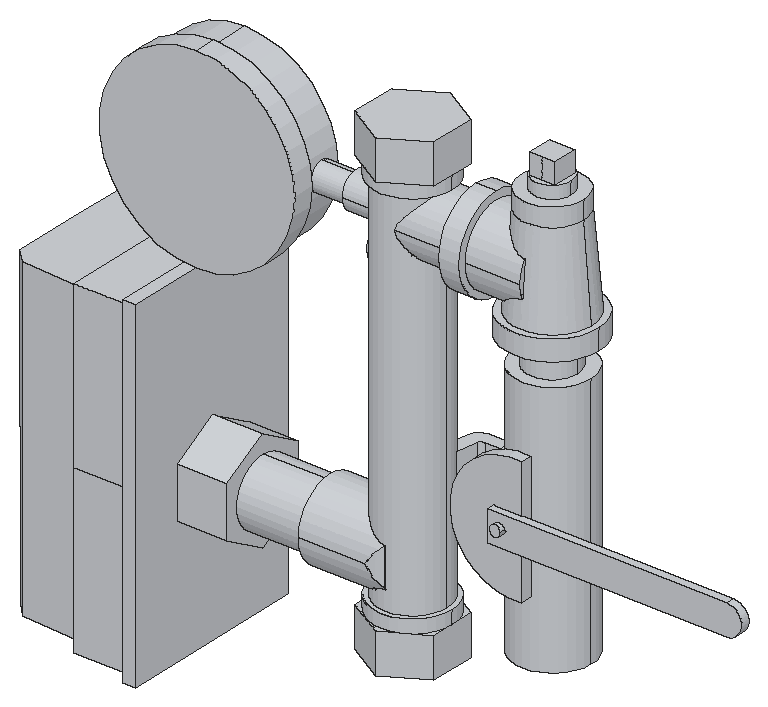
Revit family
Reference planes (in)
  plane 1 "Center (Front/Back)": y = 0
  plane 2: z = 0
  plane 3 "Center (Left/Right)": x = 0
Dimensions and locks (in)
  aligned and locked: plane 2 to level
Nested families (in)
  nested 1: "1RRD" at (0, 0, 0), type "RASCO RISER-RESIDENTIAL"
Connectors (in)
  piping at (2.76646, -0.0006, 1.04)
    settings: on nested 1, index 1, connector radius 83/128", flow factor 0, pipe flow 0 GPM, pressure drop 0.00 psi, fitting loss kfactor 0, connector angle 0.00°, fixture units 0, flow configuration 0, flow direction 0, fitting loss method 0, system type 7, connector reference index -1, connector utility 0, adjustable connector no, is connector primary yes, fitting loss table "", connector description ""
  piping at (-0.00001, 0, 9.5)
    settings: on nested 1, index 2, connector radius 3/4", flow factor 0, pipe flow 0 GPM, pressure drop 0.00 psi, fitting loss kfactor 0, connector angle 0.00°, fixture units 0, flow configuration 0, flow direction 0, fitting loss method 0, system type 7, connector reference index -1, connector utility 0, adjustable connector no, is connector primary no, fitting loss table "", connector description ""
  piping at (0, 0, 0)
    settings: on nested 1, index 3, connector radius 3/4", flow factor 0, pipe flow 0 GPM, pressure drop 0.00 psi, fitting loss kfactor 0, connector angle 0.00°, fixture units 0, flow configuration 0, flow direction 0, fitting loss method 0, system type 7, connector reference index -1, connector utility 0, adjustable connector no, is connector primary no, fitting loss table "", connector description ""
  piping at (-0.00001, 0, 9.5)
    settings: on nested 1, index 4, connector radius 3/4", flow factor 0, pipe flow 0 GPM, pressure drop 0.00 psi, fitting loss kfactor 0, connector angle 0.00°, fixture units 0, flow configuration 0, flow direction 0, fitting loss method 0, system type 7, connector reference index -1, connector utility 0, adjustable connector no, is connector primary no, fitting loss table "", connector description ""
Definition of nested family "1RRD"
  Reference planes (in)
    plane 1 "Center (Front/Back)": y = 0
    plane 2: z = 0
    plane 3 "Center (Left/Right)": x = 0
    plane 4 "ref.1": z = 1.04
    plane 5: z = 9.83243
    plane 6 "nipple": z = 6.08
    plane 7 "plug": z = 9.19059
  Forms (in)
    Extrusion 1, solid
      sketch origin (0, 0, 0) x (1, 0, 0) y (0, 1, 0)
        loop
          line (-0.781, -0.45091) -> (0, -0.90182) -> (0.781, -0.45091) -> (0.781, 0.45091) -> (0, 0.90182) -> (-0.781, 0.45091) -> (-0.781, -0.45091)
      from 0 to 0.78266
    Extrusion 2, solid
      sketch origin (0, 0, 0) x (1, 0, 0) y (0, 1, 0)
        loop
          circle (0, 0) r 0.78
      from 0.78266 to 1.04
    Extrusion 3, solid
      sketch origin (0, 0, 1.04) x (-1, 0, 0) y (0, -1, 0)
        loop
          circle (0, 0) r 0.68
      from 0 to 7.42
    Extrusion 4, solid
      sketch origin (-0.00001, 0, 8.71734) x (1, 0, 0) y (0, 1, 0)
        loop
          line (-0.781, -0.45091) -> (0, -0.90182) -> (0.781, -0.45091) -> (0.781, 0.45091) -> (0, 0.90182) -> (-0.781, 0.45091) -> (-0.781, -0.45091)
      from 0 to 0.78266
    Extrusion 5, solid
      sketch origin (0, 0, 7.67734) x (1, 0, 0) y (0, 1, 0)
        loop
          circle (0, 0) r 0.78
      from 0.78266 to 1.04
    Extrusion 6, solid
      sketch origin (0, 0, 0) x (0, 1, 0) y (0, 0, 1)
        loop
          circle (0, 1.81) r 0.78
      from 0 to -1.62811
    Extrusion 7, void
      sketch origin (0, 0, 1.04) x (-1, 0, 0) y (0, -1, 0)
        loop
          line (0, -0.677) -> (0, -0.83969) -> (0.51275, -0.83969) -> (0.51275, -0.79009)
          arc (0.51275, -0.79009) -> (0.24961, -0.7642) -> (0, -0.677) r 1.11349
      from 0 to 1.55457
    Extrusion 8, void
      sketch origin (0, 0, 1.04) x (-1, 0, 0) y (0, -1, 0)
        loop
          arc (0, 0.68) -> (0.24961, 0.7672) -> (0.51275, 0.79309) r 1.11349
          line (0.51275, 0.79309) -> (0.51275, 0.8427) -> (0, 0.8427) -> (0, 0.68)
      from 0 to 1.55719
    Extrusion 9, solid
      sketch origin (0, 0, 0) x (0, 1, 0) y (0, 0, 1)
        loop
          circle (0, 7.81) r 0.66
      from 0 to 1.7
    Extrusion 10, solid
      sketch origin (0, 0, 0) x (0, 1, 0) y (0, 0, 1)
        loop
          circle (0, 7.81) r 0.355
      from 0 to -1.1
    Extrusion 11, solid
      sketch origin (0.13466, 0, 5.20495) x (-1, 0, 0) y (0, -1, 0)
        loop
          line (0.68, 0) -> (0.39, 0) -> (0.54048, -0.85341)
          arc (0.54048, -0.85341) -> (0.62598, -1.00151) -> (0.78668, -1.06) r 0.25
          line (0.78668, -1.06) -> (1.76437, -1.06) -> (1.76437, -0.81) -> (0.89834, -0.81)
          arc (0.89834, -0.81) -> (0.84049, -0.78894) -> (0.80971, -0.73563) r 0.09
          line (0.80971, -0.73563) -> (0.68, 0)
      from 0.66505 to 1.42505
    Extrusion 12, solid
      sketch origin (-0.13466, 0, 2.20495) x (1, 0, 0) y (0, 1, 0)
        loop
          line (0.68, 0) -> (0.80971, 0.73563)
          arc (0.80971, 0.73563) -> (0.84049, 0.78894) -> (0.89834, 0.81) r 0.09
          line (0.89834, 0.81) -> (1.74654, 0.81) -> (1.74654, 1.06) -> (0.78668, 1.06)
          arc (0.78668, 1.06) -> (0.62598, 1.00151) -> (0.54048, 0.85341) r 0.25
          line (0.54048, 0.85341) -> (0.39, 0) -> (0.68, 0)
      from 0.66505 to 1.42505
    Extrusion 13, void
      sketch origin (0, 0, 0) x (1, 0, 0) y (0, 0, 1)
        loop
          circle (-1.17512, 6.25) r 0.195
      from -1.06 to -0.81
    Extrusion 14, void
      sketch origin (0, 0, 0) x (1, 0, 0) y (0, 0, 1)
        loop
          circle (1.09, 3.25) r 0.195
      from -1.06 to -0.81
    Extrusion 15, void
      sketch origin (0, 0, 0) x (1, 0, 0) y (0, 0, 1)
        loop
          line (-1.17512, 6.63) -> (-1.17512, 6.71331) -> (-1.75581, 6.71331) -> (-1.75581, 5.80236) -> (-1.17512, 5.80236) -> (-1.17512, 5.87)
          arc (-1.17512, 5.87) -> (-1.55512, 6.25) -> (-1.17512, 6.63) r 0.38
      from -1.06 to -0.81
    Extrusion 16, void
      sketch origin (0, 0, 0) x (1, 0, 0) y (0, 0, 1)
        loop
          line (1.09, 2.87) -> (1.09, 2.83503) -> (1.65386, 2.83503) -> (1.65386, 3.68519) -> (1.09, 3.68519) -> (1.09, 3.63)
          arc (1.09, 3.63) -> (1.47, 3.25) -> (1.09, 2.87) r 0.38
      from -1.06 to -0.81
    Extrusion 17, solid
      sketch origin (0, 0, 6.08) x (-1, 0, 0) y (0, -1, 0)
        loop
          circle (-2.75, 0.00522) r 0.5
      from 0 to 0.55
    Extrusion 18, solid
      sketch origin (0, 0, 9.19059) x (-1, 0, 0) y (0, -1, 0)
        loop
          circle (-2.75, 0) r 0.375
      from 0 to 0.2412
    Extrusion 19, solid
      sketch origin (0, 0, 9.19059) x (-1, 0, 0) y (0, -1, 0)
        loop
          line (-2.753, 0.25) -> (-3.003, 0.25) -> (-3.003, -0.25) -> (-2.503, -0.25) -> (-2.503, 0) -> (-2.503, 0.25) -> (-2.753, 0.25)
      from 0.2412 to 0.64184
  Cuts and joins
    Extrusion 7, Extrusion 8 cuts Extrusion 2
    Extrusion 7, Extrusion 8 cuts Extrusion 4
    Extrusion 7, Extrusion 8 cuts Extrusion 5
    Extrusion 7, Extrusion 8 cuts Extrusion 6
    Extrusion 8 cuts Extrusion 3
    Extrusion 13, Extrusion 15 cuts Extrusion 11
    Extrusion 14, Extrusion 16 cuts Extrusion 12
  Dimensions and locks (in)
    plane 5 to nested 2 = 0' - 11"
    aligned and locked: plane 2 to level
  Nested families (in)
    nested 1: "Gauge3" at (-3.09091, 0.39285, 1.8952), type "RASCO Gauge"
    nested 2: "Water Flow Detector" at (-5.273, 0, -1.84924), type "Water Flow Detector"
    nested 3: "Test-Drain Valve" at (2.75, -0.15695, 1.04), type "Test-Drain Valve"
    nested 4: "tee3" at (2.75, 0, 6.63), type "tee3"
  Definition of nested family "Gauge3"
    Reference planes (in)
      plane 1 "Center (Front/Back)": y = 0
      plane 2: z = 0
      plane 3 "Center (Left/Right)": x = 0
      plane 4: z = 7.47962
      plane 5 "ref.2": y = -0.425
      plane 6 "ref.3": z = 5.65212
      plane 7 "refdt": y = -1.191
    Forms (in)
      Extrusion 1, solid
        sketch origin (6.95412, -1.191, 5.90312) x (0, 0, -1) y (-1, 0, 0)
          loop
            circle (0, 7.47962) r 1.9225
        from 0 to 0.425
      Extrusion 2, solid
        sketch origin (6.95412, -0.766, 5.90312) x (-1, 0, 0) y (0, 0, 1)
          loop
            circle (7.47962, 0) r 1.8275
        from 0 to 0.766
      Extrusion 3, solid
        sketch origin (2.43846, -1.191, 5.90312) x (0, 1, 0) y (0, 0, 1)
          loop
            circle (0.80101, 0) r 0.2725
        from 0 to -1.146
    Lines and regions (in)
      model lines
        curve 1: arc (-0.5255, -1.191, 4.25062) -> (-2.178, -1.191, 5.90312) -> (-0.5255, -1.191, 7.55562) r 1.6525
        curve 2: arc (-0.5255, -1.191, 4.42562) -> (-2.003, -1.191, 5.90312) -> (-0.5255, -1.191, 7.38062) r 1.4775
        curve 3: line (-0.5255, -1.191, 4.25062) -> (-0.5255, -1.191, 4.42562)
        curve 4: line (-0.5255, -1.191, 7.38062) -> (-0.5255, -1.191, 7.55562)
        curve 5: line (-0.32954, -1.191, 5.36925) -> (-1.42319, -1.191, 6.76906)
        curve 6: line (-1.42319, -1.191, 6.76906) -> (-0.17646, -1.191, 5.52233)
        curve 7: line (-0.17646, -1.191, 5.52233) -> (-0.32954, -1.191, 5.36925)
    Dimensions and locks (in)
      aligned and locked: plane 2 to level
  Definition of nested family "Water Flow Detector"
    Reference planes (in)
      plane 1 "Center (Front/Back)": y = 0
      plane 2: z = 0
      plane 3 "Center (Left/Right)": x = 0
    Forms (in)
      Extrusion 1, solid
        sketch origin (3.64489, -0.00807, 3.68167) x (0, 0, -1) y (0, -1, 0)
          loop
            circle (0, 0) r 0.655
        from 0 to 1.32768
      Extrusion 2, solid
        sketch origin (2.31721, -0.00807, 5.11447) x (0, -1, 0) y (0, 0, 1)
          loop
            line (0, -0.43279) -> (-0.86603, -0.93279) -> (-0.86603, -1.93279) -> (0, -2.43279) -> (0.86603, -1.93279) -> (0.86603, -0.93279) -> (0, -0.43279)
        from 0 to 1
      Extrusion 3, solid
        sketch origin (1.31721, -0.00404, 4.28167) x (0, 0, 1) y (0, 1, 0)
          loop
            line (-3.6, 0) -> (-3.6, -1.875) -> (3.15, -1.875) -> (3.15, 1.875) -> (-3.6, 1.875) -> (-3.6, 0)
        from 0 to 0.25
      Extrusion 4, solid
        sketch origin (1.06721, -0.00807, 3.68167) x (0, 0, 1) y (0, 1, 0)
          loop
            line (0.375, -1.765) -> (3.625, -1.765) -> (3.625, 1.765) -> (-2.89, 1.765) -> (-2.89, -1.765) -> (0.375, -1.765)
        from 0 to 1.062
      Extrusion 5, solid
        sketch origin (3.64477, -0.00807, 4.42051) x (-1, 0, 0) y (0, -1, 0)
          loop
            line (3.63968, 0) -> (3.63968, -1.627) -> (4.80895, -1.54524) -> (5.07768, -1.2765) -> (5.07768, 0) -> (5.07768, 1.2765) -> (4.80895, 1.54524) -> (3.63968, 1.627) -> (3.63968, 0)
        from -3.48722 to 2.75684
    Dimensions and locks (in)
      aligned and locked: plane 2 to level
  Definition of nested family "Test-Drain Valve"
    Reference planes (in)
      plane 1 "Center (Front/Back)": y = 0
      plane 2: z = 0
      plane 3 "Center (Left/Right)": x = 0
      plane 4 "ref.2": z = 1.03
    Forms (in)
      Extrusion 1, solid
        sketch origin (0.02197, 0.09564, 3.1625) x (1, 0, 0) y (0, 0, 1)
          loop
            circle (-0.01345, -0.44998) r 0.105
        from 0.56904 to 1.36107
      Extrusion 2, solid
        sketch origin (0.15989, -1.26543, 1.6425) x (0, 0, 1) y (-1, 0, 0)
          loop
            line (1.03, 0.37389) -> (0.74163, 0.37389) -> (0.74163, -4.3395)
            arc (0.74163, -4.3395) -> (1.03663, -4.6345) -> (1.33163, -4.3395) r 0.295
            line (1.33163, -4.3395) -> (1.33163, 0.37389) -> (1.03, 0.37389)
        from -0.26148 to -0.09542
      Extrusion 3, solid
        sketch origin (0, 0, 0) x (1, 0, 0) y (0, 1, 0)
          loop
            circle (0.01646, 0.15636) r 0.75
        from 0 to 5.04
      Extrusion 4, solid
        sketch origin (0.03599, 0.78727, -0.11587) x (1, 0, 0) y (0, 0, 1)
          loop
            line (0.28512, 2.5) -> (0.28512, 4.03519)
            arc (0.28512, 4.03519) -> (-1.12118, 2.795) -> (0.28512, 1.55481) r 1.25
            line (0.28512, 1.55481) -> (0.28512, 2.5)
        from 1.56371 to 1.79121
    Dimensions and locks (in)
      aligned and locked: plane 2 to level
  Definition of nested family "tee3"
    Parameters (values of type "tee3")
      Assembly Code = ""
    Reference planes (in)
      plane 1 "Center (Front/Back)": y = 0
      plane 2: z = 0
      plane 3 "Center (Left/Right)": x = 0
      plane 4 "ref.2": z = 0.4
      plane 5 "re.3": z = 2.00996
      plane 6: x = -1.5
    Forms (in)
      Extrusion 1, solid
        sketch origin (0, 0, 0) x (1, 0, 0) y (0, 1, 0)
          loop
            circle (0, 0) r 0.92
        from 0 to 0.4
      Blend 2, solid
        base sketch origin (0, 0, 0.4) x (-1, 0, 0) y (0, -1, 0)
          loop
            circle (0, 0) r 0.785
        top sketch origin (0, 0, 0.4) x (-1, 0, 0) y (0, -1, 0)
          loop
            circle (0, 0) r 0.6225
        from 0 to 1.80197
      Extrusion 3, solid
        sketch origin (0, 0, 2.00996) x (-1, 0, 0) y (0, -1, 0)
          loop
            circle (0, 0) r 0.6225
        from 0.192 to 0.55064
      Extrusion 4, solid
        sketch origin (0, 0, 0) x (0, 1, 0) y (0, 0, 1)
          loop
            circle (-0.00522, 1.18821) r 0.785
        from 0 to -1.1
      Extrusion 5, solid
        sketch origin (-1.1, 0, 1.19147) x (0, 0, 1) y (0, 1, 0)
          loop
            circle (0, 0) r 0.92
        from 0 to 0.4
    Dimensions and locks (in)
      aligned and locked: plane 2 to level
